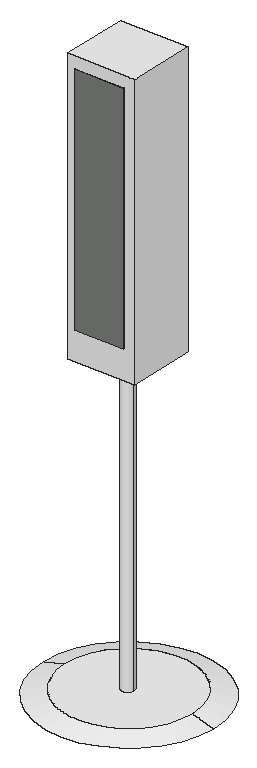
Revit family
Parameters (values of type "홈시어터시스템2-스피커")
  Assembly Code = ""
Reference planes
  plane 1: z = 0
  plane 2: z = 900
  plane 3: z = 1500
  plane 4 "speaker level": z = 600
  plane 5 "table height": z = 460
Forms (mm)
  Blend 1, solid, material "steel frame"
    base sketch origin (-1963.907, 292.787, 0) x (-1, 0, 0) y (0, -1, 0)
      loop
        circle (-1120.229, 0) r 140
    top sketch origin (-1963.907, 292.787, 0) x (-1, 0, 0) y (0, -1, 0)
      loop
        circle (-1120.229, 0) r 105
    from 0 to 9.443
  Extrusion 2, solid, material "steel frame"
    sketch origin (-1963.907, 292.787, 0) x (-1, 0, 0) y (0, -1, 0)
      loop
        circle (-1118.03, 0) r 10
    from 9.443 to 500
  Extrusion 3, solid, material "steel frame"
    sketch origin (-1962.578, 292.787, 600) x (1, 0, 0) y (0, 1, 0)
      loop
        line (1173.007, 53.916) -> (1063.007, 53.916) -> (1063.007, -56.084) -> (1173.007, -56.084) -> (1173.007, 53.916)
    from -100 to 350
  Extrusion 4, solid, material "스피커"
    sketch origin (-1963.907, 292.787, 0) x (-1, 0, 0) y (0, 0, -1)
      loop
        line (-1158.007, -931.899) -> (-1077.907, -931.899) -> (-1077.907, -546.899) -> (-1158.007, -546.899) -> (-1158.007, -931.899)
    from 56.084 to 58.203
  Extrusion 5, solid, material "tv frame", not visible
    sketch origin (0, 0, 0) x (1, 0, 0) y (0, 0, 1)
      loop
        line (-550, 1500) -> (-550, 900) -> (550, 900) -> (550, 1500) -> (-550, 1500)
      loop
        line (-520, 1470) -> (-520, 950) -> (520, 950) -> (520, 1470) -> (-520, 1470)
    from -25 to 25
  Extrusion 6, solid, material "tv screen", not visible
    sketch origin (0, 0, 0) x (1, 0, 0) y (0, 0, 1)
      loop
        line (-520, 1470) -> (-520, 950) -> (520, 950) -> (520, 1470) -> (-520, 1470)
    from 12.287 to 18.476
  Sweep 7, void, not visible
    path origin (0, 0, 0) x (1, 0, 0) y (0, 1, 0)
      loop
        line (-535, 25) -> (535, 25)
    profile origin (0, 25, 0) x (0, 1, 0) y (0, 0, 1)
      loop
        line (-50, 930) -> (-50, 920) -> (-48.24, 920) -> (-48.24, 930) -> (-50, 930)
  Extrusion 8, void, not visible
    sketch origin (892.769, 0, 0.816) x (1, 0, 0) y (0, 0, 1)
      loop
        circle (-446.378, 909.596) r 6.777
    from 20.839 to 100
  Extrusion 9, void, not visible
    sketch origin (862.769, 0, 0.816) x (1, 0, 0) y (0, 0, 1)
      loop
        circle (-446.378, 909.596) r 6.777
    from 20.839 to 100
  Extrusion 10, void, not visible
    sketch origin (832.769, 0, 0.816) x (1, 0, 0) y (0, 0, 1)
      loop
        circle (-446.378, 909.596) r 6.777
    from 20.839 to 100
  Extrusion 11, void, not visible
    sketch origin (802.769, 0, 0.816) x (1, 0, 0) y (0, 0, 1)
      loop
        circle (-446.378, 909.596) r 6.777
    from 20.839 to 100
  Extrusion 12, solid, material "Default 2", not visible
    sketch origin (300, 0, 0) x (0, 1, 0) y (0, 0, 1)
      loop
        line (230, 460) -> (230, 520) -> (-120, 520) -> (-120, 460) -> (230, 460)
    from -248.798 to 141.202
  Sweep 13, void, not visible
    path origin (0, 0, 0) x (1, 0, 0) y (0, 1, 0)
      loop
        line (51.202, 230) -> (441.202, 230)
    profile origin (246.202, 230, 0) x (0, 1, 0) y (0, 0, 1)
      loop
        arc (-350, 477.43) -> (-346.602, 499.727) -> (-336.718, 520) r 74.864
        line (-336.718, 520) -> (-350, 520) -> (-350, 477.43)
  Extrusion 14, solid, material "tv screen", not visible
    sketch origin (0, 0, 0) x (0, 1, 0) y (0, 0, 1)
      loop
        line (-120, 465.731) -> (-120, 477.43)
        arc (-120, 477.43) -> (-117.726, 495.743) -> (-111.04, 512.944) r 74.864
        line (-111.04, 512.944) -> (-111.778, 513.681)
        arc (-111.778, 513.681) -> (-118.658, 496.133) -> (-121, 477.43) r 75.864
        line (-121, 477.43) -> (-121, 465.731) -> (-120, 465.731)
    from 62.601 to 224.448
  Extrusion 15, solid, material "tv screen", not visible
    sketch origin (175, 0, 0) x (0, 1, 0) y (0, 0, 1)
      loop
        line (-120, 467.396) -> (-120, 475.636) -> (-121, 475.636) -> (-121, 467.396) -> (-120, 467.396)
    from 212.382 to 229.058
  Extrusion 16, solid, material "tv screen", not visible
    sketch origin (150, 0, 0) x (0, 1, 0) y (0, 0, 1)
      loop
        line (-120, 467.396) -> (-120, 475.636) -> (-121, 475.636) -> (-121, 467.396) -> (-120, 467.396)
    from 212.382 to 229.058
  Extrusion 17, solid, material "tv screen", not visible
    sketch origin (125, 0, 0) x (0, 1, 0) y (0, 0, 1)
      loop
        line (-120, 467.396) -> (-120, 475.636) -> (-121, 475.636) -> (-121, 467.396) -> (-120, 467.396)
    from 212.382 to 229.058
  Extrusion 18, solid, material "tv screen", not visible
    sketch origin (100, 0, 0) x (0, 1, 0) y (0, 0, 1)
      loop
        line (-120, 467.396) -> (-120, 475.636) -> (-121, 475.636) -> (-121, 467.396) -> (-120, 467.396)
    from 212.382 to 229.058
  Extrusion 19, solid, material "tv screen", not visible
    sketch origin (75, 0, 0) x (0, 1, 0) y (0, 0, 1)
      loop
        line (-120, 467.396) -> (-120, 475.636) -> (-121, 475.636) -> (-121, 467.396) -> (-120, 467.396)
    from 212.382 to 229.058
  Sweep 20, void, not visible
    path origin (0, 0, 0) x (1, 0, 0) y (0, 1, 0)
      loop
        line (441.202, -120) -> (241.202, -120)
    profile origin (341.202, -120, 0) x (0, -1, 0) y (0, 0, 1)
      loop
        line (-9.336, 513.633) -> (-10.348, 513.633) -> (-9.255, 511.747) -> (-8.329, 511.747)
        arc (-8.329, 511.747) -> (-8.826, 512.694) -> (-9.336, 513.633) r 74.864
  Extrusion 21, solid, material "tv screen", not visible
    sketch origin (50, 0, 0) x (0, 1, 0) y (0, 0, 1)
      loop
        line (-120, 467.396) -> (-120, 475.636) -> (-121, 475.636) -> (-121, 467.396) -> (-120, 467.396)
    from 212.382 to 229.058
  Extrusion 22, solid, material "tv screen", not visible
    sketch origin (25, 0, 0) x (0, 1, 0) y (0, 0, 1)
      loop
        line (-120, 467.396) -> (-120, 475.636) -> (-121, 475.636) -> (-121, 467.396) -> (-120, 467.396)
    from 212.382 to 229.058
  Blend 23, solid, material "steel frame", not visible
    base sketch origin (-65.023, 0, 0) x (-1, 0, 0) y (0, -1, 0)
      loop
        circle (-1120.229, 0) r 140
    top sketch origin (-65.023, 0, 0) x (-1, 0, 0) y (0, -1, 0)
      loop
        circle (-1120.229, 0) r 105
    from 0 to 9.443
  Extrusion 24, solid, material "steel frame", not visible
    sketch origin (-65.023, 0, 0) x (-1, 0, 0) y (0, -1, 0)
      loop
        circle (-1118.03, 0) r 10
    from 9.443 to 500
  Extrusion 25, solid, material "steel frame", not visible
    sketch origin (-63.695, 0, 600) x (1, 0, 0) y (0, 1, 0)
      loop
        line (1173.007, 53.916) -> (1063.007, 53.916) -> (1063.007, -56.084) -> (1173.007, -56.084) -> (1173.007, 53.916)
    from -100 to 350
  Extrusion 26, solid, material "스피커", not visible
    sketch origin (-65.023, 0, 0) x (-1, 0, 0) y (0, 0, -1)
      loop
        line (-1158.007, -931.899) -> (-1077.907, -931.899) -> (-1077.907, -546.899) -> (-1158.007, -546.899) -> (-1158.007, -931.899)
    from 56.084 to 58.203
  Blend 27, solid, material "steel frame", not visible
    base sketch origin (-234.977, 0, 0) x (1, 0, 0) y (0, 1, 0)
      loop
        circle (-1120.229, 0) r 140
    top sketch origin (-234.977, 0, 0) x (1, 0, 0) y (0, 1, 0)
      loop
        circle (-1120.229, 0) r 105
    from 0 to 9.794
  Extrusion 28, solid, material "steel frame", not visible
    sketch origin (-234.977, 0, 0) x (1, 0, 0) y (0, 1, 0)
      loop
        circle (-1118.03, 0) r 10
    from 0 to 57.226
  Extrusion 29, solid, material "steel frame", not visible
    sketch origin (-224.977, 0, 600) x (-1, 0, 0) y (0, -1, 0)
      loop
        line (1283.007, -143.916) -> (1283.007, 139.073) -> (976.719, 139.073) -> (976.719, -143.916) -> (1283.007, -143.916)
    from -542.774 to -267.294
  Extrusion 30, solid, material "tv screen", not visible
    sketch origin (-254.977, 0, 0) x (1, 0, 0) y (0, 0, 1)
      loop
        circle (-1104.751, 193.506) r 90
    from 139.073 to 144.487
  Extrusion 31, void, not visible
    sketch origin (-336.324, 0, -182.709) x (1, 0, 0) y (0, 0, 1)
      loop
        circle (-1123.472, 279.619) r 25
    from 36.078 to 144.487
  Sweep 32, void, not visible
    path origin (0, 0, 0) x (1, 0, 0) y (0, 0, 1)
      loop
        circle (-1459.796, 96.91) r 25
    profile origin (-1459.796, 0, 71.91) x (0, 0, 1) y (0, -1, 0)
      loop
        line (0, 139.073) -> (-6.415, 139.073)
        arc (-6.415, 139.073) -> (-1.879, 137.194) -> (0, 132.658) r 6.415
        line (0, 132.658) -> (0, 139.073)
  Blend 33, solid, material "steel frame", not visible
    base sketch origin (65.023, 0, 0) x (1, 0, 0) y (0, 1, 0)
      loop
        circle (-1120.229, 0) r 140
    top sketch origin (65.023, 0, 0) x (1, 0, 0) y (0, 1, 0)
      loop
        circle (-1120.229, 0) r 105
    from 0 to 9.794
  Extrusion 34, solid, material "steel frame", not visible
    sketch origin (65.023, 0, 0) x (1, 0, 0) y (0, 1, 0)
      loop
        circle (-1118.03, 0) r 10
    from 9.794 to 500
  Extrusion 35, solid, material "steel frame", not visible
    sketch origin (65.023, 0, 600) x (-1, 0, 0) y (0, -1, 0)
      loop
        line (1173.007, -53.916) -> (1173.007, 56.084) -> (1063.007, 56.084) -> (1063.007, -53.916) -> (1173.007, -53.916)
    from -100 to 350
  Extrusion 36, solid, material "스피커", not visible
    sketch origin (65.023, 0, 0) x (1, 0, 0) y (0, 0, 1)
      loop
        line (-1158.007, 931.899) -> (-1158.007, 546.899) -> (-1077.907, 546.899) -> (-1077.907, 931.899) -> (-1158.007, 931.899)
    from 56.084 to 58.203
  Extrusion 37, solid, material "tv frame", not visible
    sketch origin (-240, 0, 0) x (0, 1, 0) y (0, 0, 1)
      loop
        line (230, 460) -> (230, 490) -> (-120, 490) -> (-120, 460) -> (230, 460)
    from -248.798 to 100
  Sweep 38, void, not visible
    path origin (0, 0, 0) x (1, 0, 0) y (0, 1, 0)
      loop
        line (-488.798, 230) -> (-140, 230)
    profile origin (-314.399, 230, 0) x (0, 1, 0) y (0, 0, 1)
      loop
        line (-350, 465.731) -> (-350, 460.731) -> (-348.953, 460.731) -> (-348.953, 465.731) -> (-350, 465.731)
  Sweep 39, solid, material "tv screen", not visible
    path origin (0, 0, 0) x (1, 0, 0) y (0, 1, 0)
      loop
        line (-488.798, 230) -> (-140, 230)
    profile origin (-314.399, 230, 0) x (0, 1, 0) y (0, 0, 1)
      loop
        line (-350, 485.731) -> (-351, 485.731) -> (-351, 468.844) -> (-350, 468.844) -> (-350, 485.731)
  Extrusion 40, void, not visible
    sketch origin (0, 0, 0) x (1, 0, 0) y (0, 0, 1)
      loop
        circle (-168.009, 477.43) r 3.589
    from 118.186 to 140.702
  Extrusion 41, void, not visible
    sketch origin (-15, 0, 0) x (1, 0, 0) y (0, 0, 1)
      loop
        circle (-168.009, 477.43) r 3.589
    from 118.186 to 140.702
  Extrusion 42, void, not visible
    sketch origin (-30, 0, 0) x (1, 0, 0) y (0, 0, 1)
      loop
        circle (-168.009, 477.43) r 3.589
    from 118.186 to 140.702
  Extrusion 43, void, not visible
    sketch origin (-45, 0, 0) x (1, 0, 0) y (0, 0, 1)
      loop
        circle (-168.009, 477.43) r 3.589
    from 118.186 to 140.702
  Extrusion 44, void, not visible
    sketch origin (-60, 0, 0) x (1, 0, 0) y (0, 0, 1)
      loop
        circle (-168.009, 477.43) r 3.589
    from 118.186 to 140.702
  Extrusion 45, void, not visible
    sketch origin (-75, 0, 0) x (1, 0, 0) y (0, 0, 1)
      loop
        circle (-168.009, 477.43) r 3.589
    from 118.186 to 140.702
  Extrusion 46, void, not visible
    sketch origin (-310, 0, 0) x (1, 0, 0) y (0, 0, 1)
      loop
        circle (-168.009, 477.43) r 3.589
    from 118.186 to 140.702
  Extrusion 47, solid, material "tv frame", not visible
    sketch origin (-240, 0, -325) x (0, 1, 0) y (0, 0, 1)
      loop
        line (8.833, 454.372) -> (8.833, 530.684) -> (-230, 530.684) -> (-230, 454.372) -> (8.833, 454.372)
    from -248.798 to 100
  Extrusion 48, solid, material "tv screen", not visible
    sketch origin (0, 0, 0) x (1, 0, 0) y (0, 1, 0)
      loop
        circle (-465.45, -207.816) r 15
    from 115 to 129.372
  Extrusion 49, solid, material "tv screen", not visible
    sketch origin (-628.798, 0, 0) x (-1, 0, 0) y (0, -1, 0)
      loop
        circle (-465.45, 207.816) r 15
    from 115 to 129.372
  Extrusion 50, solid, material "tv screen", not visible
    sketch origin (0, 188.831, 0) x (1, 0, 0) y (0, 1, 0)
      loop
        circle (-465.45, -207.816) r 15
    from 115 to 129.372
  Extrusion 51, solid, material "tv screen", not visible
    sketch origin (-628.798, 188.831, 0) x (-1, 0, 0) y (0, -1, 0)
      loop
        circle (-465.45, 207.816) r 15
    from 115 to 129.372
  Sweep 52, solid, material "tv screen", not visible
    path origin (0, 0, -310) x (1, 0, 0) y (0, 1, 0)
      loop
        line (-488.798, 230) -> (-140, 230)
    profile origin (-314.399, 230, -310) x (0, 1, 0) y (0, 0, 1)
      loop
        line (-460, 485.731) -> (-461, 485.731) -> (-461, 453.844) -> (-460, 453.844) -> (-460, 485.731)
  Sweep 53, void, not visible
    path origin (0, 0, 600) x (-1, 0, 0) y (0, -1, 0)
      loop
        line (488.798, 231) -> (140, 231)
    profile origin (-314.399, -231, 600) x (0, 1, 0) y (0, 0, 1)
      loop
        line (1, -394.316) -> (1, -414.316) -> (21, -394.316) -> (1, -394.316)
      loop
        line (1, -466.56) -> (1, -470.628) -> (5.068, -470.628) -> (1, -466.56)
  Extrusion 54, solid, material "tv frame", not visible
    sketch origin (180, 0, -325) x (0, 1, 0) y (0, 0, 1)
      loop
        line (8.833, 454.372) -> (8.833, 487.396) -> (-230, 487.396) -> (-230, 454.372) -> (8.833, 454.372)
    from -248.798 to 330
  Extrusion 55, solid, material "tv screen", not visible
    sketch origin (420, 0, 0) x (1, 0, 0) y (0, 1, 0)
      loop
        circle (-465.45, -207.816) r 15
    from 115 to 129.372
  Extrusion 56, solid, material "tv screen", not visible
    sketch origin (420, 188.831, 0) x (1, 0, 0) y (0, 1, 0)
      loop
        circle (-465.45, -207.816) r 15
    from 115 to 129.372
  Extrusion 57, solid, material "tv screen", not visible
    sketch origin (21.202, 0, 0) x (-1, 0, 0) y (0, -1, 0)
      loop
        circle (-465.45, 207.816) r 15
    from 115 to 129.372
  Extrusion 58, solid, material "tv screen", not visible
    sketch origin (21.202, 188.831, 0) x (-1, 0, 0) y (0, -1, 0)
      loop
        circle (-465.45, 207.816) r 15
    from 115 to 129.372
  Sweep 59, void, not visible
    path origin (0, 0, 0) x (1, 0, 0) y (0, 1, 0)
      loop
        line (-68.798, -230) -> (510, -230)
    profile origin (220.601, -230, 0) x (0, 1, 0) y (0, 0, 1)
      loop
        line (0, 162.396) -> (0, 152.396) -> (10, 162.396) -> (0, 162.396)
  Extrusion 60, solid, material "cd cover", not visible
    sketch origin (-75, 0, 0) x (1, 0, 0) y (0, 1, 0)
      loop
        line (-658.884, -121.084) -> (-658.884, -270.826) -> (-653.884, -270.826) -> (-653.884, -121.084) -> (-658.884, -121.084)
    from 120 to 375.326
  Extrusion 61, solid, material "cd cover", not visible
    sketch origin (-195, 0, 0) x (1, 0, 0) y (0, 1, 0)
      loop
        line (-658.884, -121.084) -> (-658.884, -270.826) -> (-653.884, -270.826) -> (-653.884, -121.084) -> (-658.884, -121.084)
    from 120 to 375.326
  Extrusion 62, solid, material "cd cover", not visible
    sketch origin (0, 0, 0) x (1, 0, 0) y (0, 1, 0)
      loop
        line (-848.884, -133.326) -> (-848.884, -263.326) -> (-803.884, -263.326)
        arc (-803.884, -263.326) -> (-792.511, -254.258) -> (-781.137, -263.326) r 11.667
        line (-781.137, -263.326) -> (-733.884, -263.326) -> (-733.884, -133.326) -> (-848.884, -133.326)
    from 141.585 to 143.844
  Extrusion 63, solid, material "cd cover", not visible
    sketch origin (0, 0, 15) x (1, 0, 0) y (0, 1, 0)
      loop
        line (-848.884, -133.326) -> (-848.884, -263.326) -> (-803.884, -263.326)
        arc (-803.884, -263.326) -> (-792.511, -254.258) -> (-781.137, -263.326) r 11.667
        line (-781.137, -263.326) -> (-733.884, -263.326) -> (-733.884, -133.326) -> (-848.884, -133.326)
    from 141.585 to 143.844
  Extrusion 64, solid, material "cd cover", not visible
    sketch origin (0, 0, 30) x (1, 0, 0) y (0, 1, 0)
      loop
        line (-848.884, -133.326) -> (-848.884, -263.326) -> (-803.884, -263.326)
        arc (-803.884, -263.326) -> (-792.511, -254.258) -> (-781.137, -263.326) r 11.667
        line (-781.137, -263.326) -> (-733.884, -263.326) -> (-733.884, -133.326) -> (-848.884, -133.326)
    from 141.585 to 143.844
  Extrusion 65, solid, material "cd cover", not visible
    sketch origin (0, 0, 45) x (1, 0, 0) y (0, 1, 0)
      loop
        line (-848.884, -133.326) -> (-848.884, -263.326) -> (-803.884, -263.326)
        arc (-803.884, -263.326) -> (-792.511, -254.258) -> (-781.137, -263.326) r 11.667
        line (-781.137, -263.326) -> (-733.884, -263.326) -> (-733.884, -133.326) -> (-848.884, -133.326)
    from 141.585 to 143.844
  Extrusion 66, solid, material "cd cover", not visible
    sketch origin (0, 0, 60) x (1, 0, 0) y (0, 1, 0)
      loop
        line (-848.884, -133.326) -> (-848.884, -263.326) -> (-803.884, -263.326)
        arc (-803.884, -263.326) -> (-792.511, -254.258) -> (-781.137, -263.326) r 11.667
        line (-781.137, -263.326) -> (-733.884, -263.326) -> (-733.884, -133.326) -> (-848.884, -133.326)
    from 141.585 to 143.844
  Extrusion 67, solid, material "cd cover", not visible
    sketch origin (0, 0, 75) x (1, 0, 0) y (0, 1, 0)
      loop
        line (-848.884, -133.326) -> (-848.884, -263.326) -> (-803.884, -263.326)
        arc (-803.884, -263.326) -> (-792.511, -254.258) -> (-781.137, -263.326) r 11.667
        line (-781.137, -263.326) -> (-733.884, -263.326) -> (-733.884, -133.326) -> (-848.884, -133.326)
    from 141.585 to 143.844
  Extrusion 68, solid, material "cd cover", not visible
    sketch origin (0, 0, 90) x (1, 0, 0) y (0, 1, 0)
      loop
        line (-848.884, -133.326) -> (-848.884, -263.326) -> (-803.884, -263.326)
        arc (-803.884, -263.326) -> (-792.511, -254.258) -> (-781.137, -263.326) r 11.667
        line (-781.137, -263.326) -> (-733.884, -263.326) -> (-733.884, -133.326) -> (-848.884, -133.326)
    from 141.585 to 143.844
  Extrusion 69, solid, material "cd cover", not visible
    sketch origin (0, 0, 105) x (1, 0, 0) y (0, 1, 0)
      loop
        line (-848.884, -133.326) -> (-848.884, -263.326) -> (-803.884, -263.326)
        arc (-803.884, -263.326) -> (-792.511, -254.258) -> (-781.137, -263.326) r 11.667
        line (-781.137, -263.326) -> (-733.884, -263.326) -> (-733.884, -133.326) -> (-848.884, -133.326)
    from 141.585 to 143.844
  Extrusion 70, solid, material "cd cover", not visible
    sketch origin (0, 0, 120) x (1, 0, 0) y (0, 1, 0)
      loop
        line (-848.884, -133.326) -> (-848.884, -263.326) -> (-803.884, -263.326)
        arc (-803.884, -263.326) -> (-792.511, -254.258) -> (-781.137, -263.326) r 11.667
        line (-781.137, -263.326) -> (-733.884, -263.326) -> (-733.884, -133.326) -> (-848.884, -133.326)
    from 141.585 to 143.844
  Extrusion 71, solid, material "cd cover", not visible
    sketch origin (0, 0, 135) x (1, 0, 0) y (0, 1, 0)
      loop
        line (-848.884, -133.326) -> (-848.884, -263.326) -> (-803.884, -263.326)
        arc (-803.884, -263.326) -> (-792.511, -254.258) -> (-781.137, -263.326) r 11.667
        line (-781.137, -263.326) -> (-733.884, -263.326) -> (-733.884, -133.326) -> (-848.884, -133.326)
    from 141.585 to 143.844
  Extrusion 72, solid, material "cd cover", not visible
    sketch origin (0, 0, 150) x (1, 0, 0) y (0, 1, 0)
      loop
        line (-848.884, -133.326) -> (-848.884, -263.326) -> (-803.884, -263.326)
        arc (-803.884, -263.326) -> (-792.511, -254.258) -> (-781.137, -263.326) r 11.667
        line (-781.137, -263.326) -> (-733.884, -263.326) -> (-733.884, -133.326) -> (-848.884, -133.326)
    from 141.585 to 143.844
  Extrusion 73, solid, material "cd cover", not visible
    sketch origin (0, 0, 165) x (1, 0, 0) y (0, 1, 0)
      loop
        line (-848.884, -133.326) -> (-848.884, -263.326) -> (-803.884, -263.326)
        arc (-803.884, -263.326) -> (-792.511, -254.258) -> (-781.137, -263.326) r 11.667
        line (-781.137, -263.326) -> (-733.884, -263.326) -> (-733.884, -133.326) -> (-848.884, -133.326)
    from 141.585 to 143.844
  Extrusion 74, solid, material "cd cover", not visible
    sketch origin (0, 0, 180) x (1, 0, 0) y (0, 1, 0)
      loop
        line (-848.884, -133.326) -> (-848.884, -263.326) -> (-803.884, -263.326)
        arc (-803.884, -263.326) -> (-792.511, -254.258) -> (-781.137, -263.326) r 11.667
        line (-781.137, -263.326) -> (-733.884, -263.326) -> (-733.884, -133.326) -> (-848.884, -133.326)
    from 141.585 to 143.844
  Extrusion 75, solid, material "cd cover", not visible
    sketch origin (0, 0, 195) x (1, 0, 0) y (0, 1, 0)
      loop
        line (-848.884, -133.326) -> (-848.884, -263.326) -> (-803.884, -263.326)
        arc (-803.884, -263.326) -> (-792.511, -254.258) -> (-781.137, -263.326) r 11.667
        line (-781.137, -263.326) -> (-733.884, -263.326) -> (-733.884, -133.326) -> (-848.884, -133.326)
    from 141.585 to 143.844
  Extrusion 76, solid, material "cd cover", not visible
    sketch origin (0, 0, 210) x (1, 0, 0) y (0, 1, 0)
      loop
        line (-848.884, -133.326) -> (-848.884, -263.326) -> (-803.884, -263.326)
        arc (-803.884, -263.326) -> (-792.511, -254.258) -> (-781.137, -263.326) r 11.667
        line (-781.137, -263.326) -> (-733.884, -263.326) -> (-733.884, -133.326) -> (-848.884, -133.326)
    from 141.585 to 143.844
  Extrusion 77, solid, material "cd cover", not visible
    sketch origin (0, 0, 225) x (1, 0, 0) y (0, 1, 0)
      loop
        line (-848.884, -133.326) -> (-848.884, -263.326) -> (-803.884, -263.326)
        arc (-803.884, -263.326) -> (-792.511, -254.258) -> (-781.137, -263.326) r 11.667
        line (-781.137, -263.326) -> (-733.884, -263.326) -> (-733.884, -133.326) -> (-848.884, -133.326)
    from 141.585 to 143.844
  Extrusion 78, solid, material "cd cover", not visible
    sketch origin (0, 0, 240) x (1, 0, 0) y (0, 1, 0)
      loop
        line (-848.884, -133.326) -> (-848.884, -263.326) -> (-803.884, -263.326)
        arc (-803.884, -263.326) -> (-792.511, -254.258) -> (-781.137, -263.326) r 11.667
        line (-781.137, -263.326) -> (-733.884, -263.326) -> (-733.884, -133.326) -> (-848.884, -133.326)
    from 141.585 to 143.844
  Sweep 79, solid, not visible
    path origin (0, 0, 0) x (0, 1, 0) y (0, 0, 1)
      loop
        line (300, 0) -> (300, 600) -> (-300, 600) -> (-300, 0)
    profile origin (0, 300, 300) x (0, -1, 0) y (1, 0, 0)
      loop
        line (0, 680) -> (20, 680) -> (20, 695) -> (0, 695) -> (0, 680)
  Sweep 80, solid, material "steel frame", not visible
    path origin (0, 0, 0) x (0, 1, 0) y (0, 0, -1)
      loop
        line (300, 0) -> (300, -600) -> (-300, -600) -> (-300, 0)
    profile origin (0, 300, 300) x (0, 1, 0) y (-1, 0, 0)
      loop
        line (0, 680) -> (0, 695) -> (-20, 695) -> (-20, 680) -> (0, 680)
  Extrusion 81, solid, material "steel frame", not visible
    sketch origin (-1080, 0, 0) x (0, 1, 0) y (0, 0, 1)
      loop
        line (280, 455) -> (-280, 455) -> (-280, 385) -> (280, 385) -> (280, 455)
    from 372.34 to 412.793
  Sweep 82, solid, material "목재", not visible
    path origin (0, 0, 0) x (1, 0, 0) y (0, 1, 0)
      loop
        line (-875, 0) -> (865, 0)
    profile origin (-5, 0, 0) x (0, 1, 0) y (0, 0, 1)
      loop
        line (280, 455) -> (280, 460) -> (-280, 460) -> (-280, 455) -> (280, 455)
  Extrusion 83, solid, material "steel frame", not visible
    sketch origin (295, 0, 0) x (0, 1, 0) y (0, 0, 1)
      loop
        line (280, 455) -> (-280, 455) -> (-280, 385) -> (280, 385) -> (280, 455)
    from 372.34 to 412.793
  Extrusion 84, solid, material "steel frame", not visible
    sketch origin (295, 0, -340) x (0, 1, 0) y (0, 0, 1)
      loop
        line (280, 455) -> (-280, 455) -> (-280, 385) -> (280, 385) -> (280, 455)
    from 372.34 to 412.793
  Extrusion 85, solid, material "steel frame", not visible
    sketch origin (-1080, 0, -340) x (0, 1, 0) y (0, 0, 1)
      loop
        line (280, 455) -> (-280, 455) -> (-280, 385) -> (280, 385) -> (280, 455)
    from 372.34 to 412.793
  Sweep 86, solid, material "목재", not visible
    path origin (0, 0, -340) x (1, 0, 0) y (0, 1, 0)
      loop
        line (-875, 0) -> (865, 0)
    profile origin (-5, 0, -340) x (0, 1, 0) y (0, 0, 1)
      loop
        line (280, 455) -> (280, 460) -> (-280, 460) -> (-280, 455) -> (280, 455)
  Extrusion 87, solid, material "cd cover", not visible
    sketch origin (-75, -280, 0) x (1, 0, 0) y (0, 1, 0)
      loop
        line (-658.884, 158.916) -> (-658.884, 9.174) -> (-653.884, 9.174) -> (-653.884, 158.916) -> (-658.884, 158.916)
    from 120 to 375.326
  Extrusion 88, solid, material "cd cover", not visible
    sketch origin (-195, -280, 0) x (1, 0, 0) y (0, 1, 0)
      loop
        line (-658.884, 158.916) -> (-658.884, 9.174) -> (-653.884, 9.174) -> (-653.884, 158.916) -> (-658.884, 158.916)
    from 120 to 375.326
  Extrusion 89, solid, material "cd cover", not visible
    sketch origin (0, -280, 0) x (1, 0, 0) y (0, 1, 0)
      loop
        line (-848.884, 146.674) -> (-848.884, 16.674) -> (-803.884, 16.674)
        arc (-803.884, 16.674) -> (-792.511, 25.742) -> (-781.137, 16.674) r 11.667
        line (-781.137, 16.674) -> (-733.884, 16.674) -> (-733.884, 146.674) -> (-848.884, 146.674)
    from 141.585 to 143.844
  Extrusion 90, solid, material "cd cover", not visible
    sketch origin (0, -280, 15) x (1, 0, 0) y (0, 1, 0)
      loop
        line (-848.884, 146.674) -> (-848.884, 16.674) -> (-803.884, 16.674)
        arc (-803.884, 16.674) -> (-792.511, 25.742) -> (-781.137, 16.674) r 11.667
        line (-781.137, 16.674) -> (-733.884, 16.674) -> (-733.884, 146.674) -> (-848.884, 146.674)
    from 141.585 to 143.844
  Extrusion 91, solid, material "cd cover", not visible
    sketch origin (0, -280, 30) x (1, 0, 0) y (0, 1, 0)
      loop
        line (-848.884, 146.674) -> (-848.884, 16.674) -> (-803.884, 16.674)
        arc (-803.884, 16.674) -> (-792.511, 25.742) -> (-781.137, 16.674) r 11.667
        line (-781.137, 16.674) -> (-733.884, 16.674) -> (-733.884, 146.674) -> (-848.884, 146.674)
    from 141.585 to 143.844
  Extrusion 92, solid, material "cd cover", not visible
    sketch origin (0, -280, 45) x (1, 0, 0) y (0, 1, 0)
      loop
        line (-848.884, 146.674) -> (-848.884, 16.674) -> (-803.884, 16.674)
        arc (-803.884, 16.674) -> (-792.511, 25.742) -> (-781.137, 16.674) r 11.667
        line (-781.137, 16.674) -> (-733.884, 16.674) -> (-733.884, 146.674) -> (-848.884, 146.674)
    from 141.585 to 143.844
  Extrusion 93, solid, material "cd cover", not visible
    sketch origin (0, -280, 60) x (1, 0, 0) y (0, 1, 0)
      loop
        line (-848.884, 146.674) -> (-848.884, 16.674) -> (-803.884, 16.674)
        arc (-803.884, 16.674) -> (-792.511, 25.742) -> (-781.137, 16.674) r 11.667
        line (-781.137, 16.674) -> (-733.884, 16.674) -> (-733.884, 146.674) -> (-848.884, 146.674)
    from 141.585 to 143.844
  Extrusion 94, solid, material "cd cover", not visible
    sketch origin (0, -280, 75) x (1, 0, 0) y (0, 1, 0)
      loop
        line (-848.884, 146.674) -> (-848.884, 16.674) -> (-803.884, 16.674)
        arc (-803.884, 16.674) -> (-792.511, 25.742) -> (-781.137, 16.674) r 11.667
        line (-781.137, 16.674) -> (-733.884, 16.674) -> (-733.884, 146.674) -> (-848.884, 146.674)
    from 141.585 to 143.844
  Extrusion 95, solid, material "cd cover", not visible
    sketch origin (0, -280, 90) x (1, 0, 0) y (0, 1, 0)
      loop
        line (-848.884, 146.674) -> (-848.884, 16.674) -> (-803.884, 16.674)
        arc (-803.884, 16.674) -> (-792.511, 25.742) -> (-781.137, 16.674) r 11.667
        line (-781.137, 16.674) -> (-733.884, 16.674) -> (-733.884, 146.674) -> (-848.884, 146.674)
    from 141.585 to 143.844
  Extrusion 96, solid, material "cd cover", not visible
    sketch origin (0, -280, 105) x (1, 0, 0) y (0, 1, 0)
      loop
        line (-848.884, 146.674) -> (-848.884, 16.674) -> (-803.884, 16.674)
        arc (-803.884, 16.674) -> (-792.511, 25.742) -> (-781.137, 16.674) r 11.667
        line (-781.137, 16.674) -> (-733.884, 16.674) -> (-733.884, 146.674) -> (-848.884, 146.674)
    from 141.585 to 143.844
  Extrusion 97, solid, material "cd cover", not visible
    sketch origin (0, -280, 120) x (1, 0, 0) y (0, 1, 0)
      loop
        line (-848.884, 146.674) -> (-848.884, 16.674) -> (-803.884, 16.674)
        arc (-803.884, 16.674) -> (-792.511, 25.742) -> (-781.137, 16.674) r 11.667
        line (-781.137, 16.674) -> (-733.884, 16.674) -> (-733.884, 146.674) -> (-848.884, 146.674)
    from 141.585 to 143.844
  Extrusion 98, solid, material "cd cover", not visible
    sketch origin (0, -280, 135) x (1, 0, 0) y (0, 1, 0)
      loop
        line (-848.884, 146.674) -> (-848.884, 16.674) -> (-803.884, 16.674)
        arc (-803.884, 16.674) -> (-792.511, 25.742) -> (-781.137, 16.674) r 11.667
        line (-781.137, 16.674) -> (-733.884, 16.674) -> (-733.884, 146.674) -> (-848.884, 146.674)
    from 141.585 to 143.844
  Extrusion 99, solid, material "cd cover", not visible
    sketch origin (0, -280, 150) x (1, 0, 0) y (0, 1, 0)
      loop
        line (-848.884, 146.674) -> (-848.884, 16.674) -> (-803.884, 16.674)
        arc (-803.884, 16.674) -> (-792.511, 25.742) -> (-781.137, 16.674) r 11.667
        line (-781.137, 16.674) -> (-733.884, 16.674) -> (-733.884, 146.674) -> (-848.884, 146.674)
    from 141.585 to 143.844
  Extrusion 100, solid, material "cd cover", not visible
    sketch origin (0, -280, 165) x (1, 0, 0) y (0, 1, 0)
      loop
        line (-848.884, 146.674) -> (-848.884, 16.674) -> (-803.884, 16.674)
        arc (-803.884, 16.674) -> (-792.511, 25.742) -> (-781.137, 16.674) r 11.667
        line (-781.137, 16.674) -> (-733.884, 16.674) -> (-733.884, 146.674) -> (-848.884, 146.674)
    from 141.585 to 143.844
  Extrusion 101, solid, material "cd cover", not visible
    sketch origin (0, -280, 180) x (1, 0, 0) y (0, 1, 0)
      loop
        line (-848.884, 146.674) -> (-848.884, 16.674) -> (-803.884, 16.674)
        arc (-803.884, 16.674) -> (-792.511, 25.742) -> (-781.137, 16.674) r 11.667
        line (-781.137, 16.674) -> (-733.884, 16.674) -> (-733.884, 146.674) -> (-848.884, 146.674)
    from 141.585 to 143.844
  Extrusion 102, solid, material "cd cover", not visible
    sketch origin (0, -280, 195) x (1, 0, 0) y (0, 1, 0)
      loop
        line (-848.884, 146.674) -> (-848.884, 16.674) -> (-803.884, 16.674)
        arc (-803.884, 16.674) -> (-792.511, 25.742) -> (-781.137, 16.674) r 11.667
        line (-781.137, 16.674) -> (-733.884, 16.674) -> (-733.884, 146.674) -> (-848.884, 146.674)
    from 141.585 to 143.844
  Extrusion 103, solid, material "cd cover", not visible
    sketch origin (0, -280, 210) x (1, 0, 0) y (0, 1, 0)
      loop
        line (-848.884, 146.674) -> (-848.884, 16.674) -> (-803.884, 16.674)
        arc (-803.884, 16.674) -> (-792.511, 25.742) -> (-781.137, 16.674) r 11.667
        line (-781.137, 16.674) -> (-733.884, 16.674) -> (-733.884, 146.674) -> (-848.884, 146.674)
    from 141.585 to 143.844
  Extrusion 104, solid, material "cd cover", not visible
    sketch origin (0, -280, 225) x (1, 0, 0) y (0, 1, 0)
      loop
        line (-848.884, 146.674) -> (-848.884, 16.674) -> (-803.884, 16.674)
        arc (-803.884, 16.674) -> (-792.511, 25.742) -> (-781.137, 16.674) r 11.667
        line (-781.137, 16.674) -> (-733.884, 16.674) -> (-733.884, 146.674) -> (-848.884, 146.674)
    from 141.585 to 143.844
Cuts and joins
  joined: Blend 1, Extrusion 2
Dimensions and locks
  aligned and locked: Extrusion 2 to Blend 1
  aligned and locked: Extrusion 2 to Extrusion 3
  aligned and locked: Extrusion 24 to Blend 23
  aligned and locked: Extrusion 24 to Extrusion 25
  aligned and locked: Extrusion 34 to Blend 33
  aligned and locked: Extrusion 34 to Extrusion 35
  aligned and locked: Extrusion 36 to Extrusion 35
